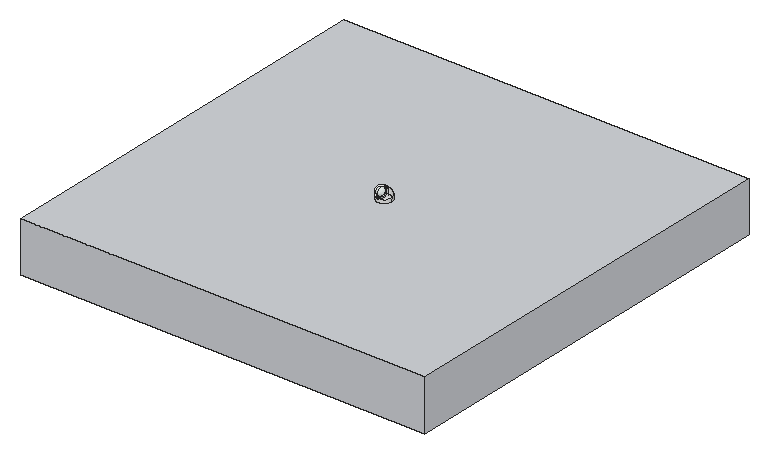
Revit family "Legrand_Gestion_eclairage_Detect_mvt_autonome_360D_IP55_Mur", category Dispositifs d'éclairage, Revit 2020
Family settings
  Hôte = Face
  Conserver l'orientation des annotations = Oui
  Cote de connecteur circulaire = Utiliser le diamètre
  Type d'élément = Normal
  Couper avec des vides une fois chargée = Non
  Partagée = Non
  Point de calcul de pièce = Non
Parameters
  Zone de detection [instance] = no
  URL = "http://www.legrandoc.com/048946"
  Télécommandable = "non"
  Type de tension = "AC"
  Tension nominale (V) = "230"
  Température (MIN) (°C) = -5
  Température (MAX) (°C) = 45
  Sensibilité réglable = "non"
  Sensibilité lumineuse réglable = "oui"
  Sensibilité lumineuse (MIN) (lx) = 5
  Sensibilité lumineuse (MAX) (lx) = 1275
  Réglage de lumière constante = "oui"
  Product ID = "048946"
  Numéro RAL = "9003"
  Mode de montage = "apparent"
  Indication distance [instance] = 8 mm
  Image du type = PH6-Mural.jpg
  Hauteur maxi de montage (m) = "2.5"
  Gestion alarme = "non"
  Gestion CVC = "non"
  Fréquence (MIN) (Hz) = 50
  Fréquence (MAX) (Hz) = 60
  Fonction variateur intégrée = "non"
  Fabricant = "LEGRAND"
  Exécution = "détecteur de mouvement"
  Etiquette [instance] = no
  Entrée secondaire = "non"
  Elévation par défaut = 2500 mm
  ETIM-5.0 Class = "EC000133"
  Durée d'enclenchement min (s) = "10"
  Durée d'enclenchement max (mn) = "10"
  Description = "DETECT DE MOUVEMENT PIR 360D MUR PLAFOND IP55 BLISTER"
  Courant de démarrage max (A) = "4.3"
  Coupure forcée = "non"
  Couleur = "blanc"
  Condition Générale d'Utilisation = "https://export.legrand.com/CGU-objets-BIM"
  Code d'assemblage = "D5010200"
  Classe de protection (IP) = "IP55"
  Capacité de coupure max (W) = 1000
  Angle de détection horizontal (MIN) (°) = 0
  Angle de détection horizontal (MAX) (°) = 360
  Adapté pour transmission sans fil = "non"
Reference planes
  plane 1 "Centre (avant/arrière)": y = 0
  plane 2: z = 0
  plane 3 "Centre (gauche/droite)": x = 0
Forms (mm)
  Extrusion 1, solid
    sketch origin (0, 0, 0) x (1, 0, 0) y (0, 1, 0)
      loop
        line (-1219.2, 1219.2) -> (-1219.2, -1219.2) -> (1219.2, -1219.2) -> (1219.2, 1219.2) -> (-1219.2, 1219.2)
    from 0 to -304.8
Dimensions and locks
  aligned and locked: plane 2 to Extrusion 1
  aligned and locked: level to Extrusion 1
  aligned and locked: nested 1 to plane 2
Nested families
  nested 1: "048943 plaf" at (0, 0, 0), type "048943 plaf"
  nested 2: "Symbole D" at (0, 0, 0), type "Symbole D"
  nested 3: "Zone de detection 8mx8m- plan" at (0, 0, 0) x (0, 0, 1) z (0, -1, 0), visible <- "Zone de detection", type "Zone de detection 8mx8m- plan"
  nested 4: "Détection 140°" at (0, 148.931, 0), visible <- "Etiquette", Indication distance <- "Indication distance", type "Détection 140°"
    with Indication distance 8 mm
Connectors
  electrical at (0, 0, 0)
    settings: on nested 1, index 1, voltage 230 V, apparent load 0 VA, apparent load phase1 0 VA, apparent load phase2 0 VA, apparent load phase3 0 VA, power factor 1, load classification "Autre", number of poles 1, system type 31, power factor state 1, is connector primary yes, connector utility no, sub classification motor no, connector description ""
Definition of nested family "048943 plaf"
  Parameters (values of type "048943 plaf")
    Optique = none
    built-in parameter 1140140 [instance] = 1 (stored number, unit not read)
    Finition = none
    Default Elevation = 0 mm
    built-in parameter 1140142 [instance] = -1
    built-in parameter 1155100 [instance] = -1
  Reference planes
    plane 1 "Centre (avant/arrière)": y = 0
    plane 2: z = 0
    plane 3 "Centre (gauche/droite)": x = 0
  Forms (mm)
    SweptBlend 1, solid, material <- "Finition"
      path origin (0, -45.25, 0) x (0, 0, -1) y (0, 1, 0)
        loop
          arc (-20.345, 67.875) -> (-47.049, 62.401) -> (-69.446, 46.863) r 67.875
      profile origin (0, 22.625, 20.345) x (0, -1, 0) y (1, 0, 0)
        loop
          circle (22.625, 0) r 44.25
      end profile origin (0, 1.613, 69.446) x (0, -0.690434, -0.723395) y (1, 0, 0)
        loop
          spline (32.637, -33) -> (41.176, -31.876) -> (49.132, -28.579) -> (55.965, -23.335) -> (61.208, -16.5) -> (64.504, -8.541) -> (65.628, 0) -> (64.504, 8.541) -> (61.208, 16.5) -> (55.965, 23.335) -> (49.132, 28.579) -> (41.176, 31.876) -> (32.637, 33)
          spline (32.637, 33) -> (24.098, 31.876) -> (16.141, 28.579) -> (9.309, 23.335) -> (4.066, 16.5) -> (0.77, 8.541) -> (-0.354, 0) -> (0.77, -8.541) -> (4.066, -16.5) -> (9.309, -23.335) -> (16.141, -28.579) -> (24.098, -31.876) -> (32.637, -33)
    Extrusion 2, solid, material <- "Finition"
      sketch origin (0, -20.92, 45.836) x (0, 0.690434, 0.723395) y (-1, 0, 0)
        loop
          arc (0, -33) -> (32.991, 0) -> (0, 33) r 33
          arc (0, 33) -> (-32.991, 0) -> (0, -33) r 33
      from 0 to 10
    Revolve 3, solid, material <- "Optique"
      sketch origin (0, -45.25, 0) x (0, 0, -1) y (0, 1, 0)
        loop
          arc (-69.372, 32.969) -> (-71.978, 17.908) -> (-64.892, 4.364) r 23.816
          line (-64.892, 4.364) -> (-52.74, 17.096) -> (-69.372, 32.969)
        axis (-52.74, 17.096) -> (-64.892, 4.364)
      angle from 0 to 360
    Extrusion 4, solid, material <- "Finition"
      sketch origin (0, -45.25, 12.905) x (1, 0, 0) y (0, 1, 0)
        loop
          circle (0, 45.25) r 44.249
      from -12.905 to 7.44
  Dimensions and locks
    aligned and locked: level to plane 2
    aligned and locked: Revolve 3 to Extrusion 2
    aligned and locked: Extrusion 4 to level
    aligned and locked: Extrusion 4 to SweptBlend 1
Definition of nested family "Symbole D"
  Reference planes
    plane 1: y = 0
    plane 2: x = 0
  Lines and regions (mm)
    detail lines
      curve 1: spline (0.481, 2.356, 0) -> (0.429, 2.16, 0) -> (0.363, 1.989, 0) -> (0.285, 1.851, 0) -> (0.199, 1.748, 0) -> (0.106, 1.685, 0) -> (0.01, 1.664, 0) -> (-0.085, 1.685, 0) -> (-0.178, 1.748, 0) -> (-0.264, 1.851, 0) -> (-0.342, 1.989, 0) -> (-0.408, 2.16, 0) -> (-0.46, 2.356, 0)
      curve 2: arc (0.821, 3.072, 0) -> (-0.004, 3.293, 0) -> (-0.828, 3.072, 0) r 1.643
      curve 3: arc (-0.64, 2.774, 0) -> (0.004, 2.96, 0) -> (0.648, 2.774, 0) r 1.213
      curve 4: arc (-1.023, 3.436, 0) -> (0.005, 3.717, 0) -> (1.032, 3.436, 0) r 2.018
      curve 5: line (-1.042, 0.262, 0) -> (1.042, 0.262, 0)
      curve 6: arc (-0.945, 0.262, 0) -> (0, 1.008, 0) -> (0.945, 0.262, 0) r 0.972
      curve 7: line (-1.042, 0.262, 0) -> (-1.042, 0, 0)
      curve 8: line (-1.042, 0, 0) -> (1.042, 0, 0)
      curve 9: line (1.042, 0, 0) -> (1.042, 0.262, 0)
  Text (mm)
    text "IR" at (0.939, 0.64, 0)
  Dimensions and locks
    aligned and locked: plane 2 to curve 6
    aligned and locked: plane 1 to curve 8
Definition of nested family "Zone de detection 8mx8m- plan"
  Reference planes
    plane 1 "Centre (avant/arrière)": y = 0
    plane 2: z = 0
    plane 3 "Centre (gauche/droite)": x = 0
  Lines and regions (mm)
    detail lines, in view "Niveau de réf."
      curve 1: line (0, 0, 0) -> (721.302, 3710.78, 0)
      curve 2: arc (721.302, 3710.78, 0) -> (2441.116, 3995.524, 0) -> (4177.517, 3841.424, 0) r 6919.682
      curve 3: arc (4177.517, 3841.424, 0) -> (5129.358, 3552.591, 0) -> (6023.197, 3116.154, 0) r 6238.805
      curve 4: arc (7539.88, 1630.18, 0) -> (6874.01, 2467.549, 0) -> (6023.197, 3116.154, 0) r 4331.154
      curve 5: arc (7539.88, 1630.18, 0) -> (7881.502, 846.673, 0) -> (7998.686, 0, 0) r 3133.455
      curve 6: line (0, 0, 0) -> (721.302, -3710.78, 0)
      curve 7: arc (721.302, -3710.78, 0) -> (2441.116, -3995.524, 0) -> (4177.517, -3841.424, 0) r 6919.682
      curve 8: arc (4177.517, -3841.424, 0) -> (5129.358, -3552.591, 0) -> (6023.197, -3116.154, 0) r 6238.805
      curve 9: arc (7539.88, -1630.18, 0) -> (6874.01, -2467.549, 0) -> (6023.197, -3116.154, 0) r 4331.154
      curve 10: arc (7539.88, -1630.18, 0) -> (7881.502, -846.673, 0) -> (7998.686, 0, 0) r 3133.455
Definition of nested family "Détection 140°"
  Parameters (values of type "Détection 140°")
    Indication distance [instance] = 0 mm
  Reference planes
    plane 1: y = 0
    plane 2: x = 0
  Text (mm)
    label "Détection 140°,Indication distancem frontal à 2,5m haut" at (-0.885, 0.234, 0), shows "Indication distance"
